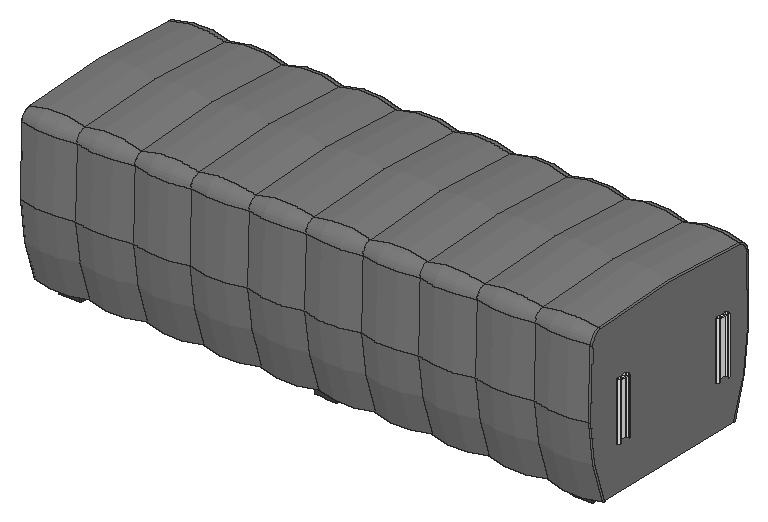
Revit family "Chair-Soft_Seating-Allermuir-Haven_Bench-HAB200E", category Furniture, Revit 2012
Parameters (values of type "HAB200E")
  ecoScorecard_data = "http://thesenatorgroup.ecoscorecard.com/product/HAB200E"
  ecoScorecard Product Page = "http://products.ecoscorecard.com/allermuir/HAB200E?action=html"
  Width = 0"
  Weight = 0.0 lbf
  Upholstered Seat = "No"
  Upholstered Back = "No"
  URL = "http://www.allermuir.net/Default.aspx"
  Subcategory = "Soft Seating"  # constant formula
  Stacks = no
  Specifications URL = ""
  Side Bracket = Metal - Allermuir - Chrome - Polished
  Seat or Top = Fabric - Allermuir - Silcoates
  Product Page URL = "http://www.allermuir.net/Products.aspx?RangeId=495"
  Product Line = "Haven Bench"  # constant formula
  Pricing URL = ""
  Plugin Data URL = "http://products.ecoscorecard.com/thesenatorgroup/HAB200E"
  Plastic Arms in Black = "No"
  Model = "HAB200E"  # constant formula
  Manufacturer Phone - Toll Free = "(888) 887 5806"  # constant formula
  Manufacturer Phone = "(419) 887 5806"  # constant formula
  Manufacturer Fax = "(419) 887 5805"  # constant formula
  Manufacturer Email = "mailto:contact@allermuir-na.com"
  Manufacturer Address = "1630 Holland Road, Maumee, Ohio 43537 "  # constant formula
  Manufacturer = "Allermuir"  # constant formula
  LEED Stats URL = ""
  Height = 0"
  Fabric Spec Sheets = "http://www.allermuir.net/Services/File.ashx?Type=B&Id=51"
  Description = ""
  Depth = 0"
  Color Availability = "See price list for material options"  # constant formula
  CAD Blocks URL = ""
  Brochure URL = ""
  Base = Plastic - Allermuir - Black
  Assembly Code = "E2020200"
  95 CSI = "12510"  # constant formula
  04 CSI = "12 51 00"  # constant formula
Reference planes
  plane 1 "Center Front/Back": y = 0
  plane 2: z = 0
  plane 3 "Center Left/Right": x = 0
  plane 4: z = 466.328
  plane 5: x = -760.699
  plane 6: x = 757.524
  plane 7: y = 278.492
  plane 8: y = -265.296
Dimensions and locks
  plane 4 to level = 18 23/64"  (x2)
  locked: plane 5 to plane 6 at 1518.222
  plane 7 to plane 8 = 21.40899"
  aligned and locked: plane 3 "Center Left/Right" to nested 1
  aligned and locked: plane 1 "Center Front/Back" to nested 1
  aligned and locked: plane 4 to nested 1
Nested families
  nested 1: "HAB200E" at (0, 0, 0), type "HAB200E"
Definition of nested family "HAB200E"
  Parameters (values of type "HAB200E")
    URL = "http://www.allermuir.net/Default.aspx"
    Stand = Plastic - Allermuir - Black
    Stacks = no
    Side Stand = Metal - Allermuir - Chrome - Polished
    Seat = Fabric - Allermuir - Silcoates
    Model = "HAB100"
    Manufacturer = "Allermuir"  # constant formula
    Description = ""
    Assembly Code = "E2020200"
  Reference planes
    plane 1 "Center Front/Back": y = 0
    plane 2: z = 0
    plane 3 "Center Left/Right": x = 0
    plane 4: y = 278.492
    plane 5: y = -265.296
    plane 6: z = 466.328
    plane 7: y = 174.511
    plane 8: y = -161.315
    plane 9: x = -747.478
    plane 10: x = -671.278
    plane 11: x = 747.478
    plane 12: x = 671.278
  Forms (mm)
    Sweep 1, solid, material "Fabric - Allermuir - Silcoates" <- "Seat"
      path origin (0, 0, -3.969) x (0, 1, 0) y (0, 0, 1)
        loop
          arc (230.619, 28.377) -> (262.694, 128.867) -> (276.965, 233.381) r 609.6
          arc (276.965, 233.381) -> (278.479, 325.472) -> (273.982, 417.465) r 1411.053
          arc (273.982, 417.465) -> (262.719, 442.368) -> (238.222, 454.489) r 40.603
          arc (238.222, 454.489) -> (7.264, 468.236) -> (-223.765, 455.728) r 2038.86
          arc (-223.765, 455.728) -> (-248.079, 443.981) -> (-259.64, 419.577) r 40.58
          arc (-259.64, 419.577) -> (-265.536, 328.435) -> (-264.387, 237.109) r 1183.48
          arc (-264.387, 237.109) -> (-249.725, 130.711) -> (-217.12, 28.377) r 627.008
      profile origin (0, 7.264, 464.267) x (0, -0.002682, -0.999996) y (1, 0, 0)
        loop
          arc (10.108, -745.462) -> (11.467, -747.415) -> (13.724, -748.165) r 3.77
          line (13.724, -748.165) -> (14.881, -748.165) -> (14.881, 751.457) -> (12.785, 751.457)
          arc (12.785, 751.457) -> (10.529, 750.699) -> (9.189, 748.733) r 3.735
          arc (9.189, 748.733) -> (-0.333, 674.997) -> (11.738, 601.636) r 255.942
          arc (11.738, 601.636) -> (-0.369, 525.083) -> (10.994, 448.417) r 255.942
          arc (10.994, 448.417) -> (-0.371, 373.433) -> (10.736, 298.411) r 255.942
          arc (10.736, 298.411) -> (-0.371, 223.387) -> (10.994, 148.403) r 255.942
          arc (10.994, 148.403) -> (-0.369, 74.256) -> (10.253, 0) r 255.942
          arc (10.253, 0) -> (-0.355, -75.93) -> (12.002, -151.596) r 255.942
          arc (12.002, -151.596) -> (-0.344, -226.43) -> (9.784, -301.596) r 255.942
          arc (9.784, -301.596) -> (-0.344, -376.765) -> (12.003, -451.601) r 255.942
          arc (12.003, -451.601) -> (-0.344, -526.433) -> (9.782, -601.598) r 255.942
          arc (9.782, -601.598) -> (-0.371, -673.554) -> (10.108, -745.462) r 255.942
    Extrusion 2, solid, material "Fabric - Allermuir - Silcoates" <- "Seat"
      sketch origin (0, 0, -3.969) x (0, 1, 0) y (0, 0, 1)
        loop
          line (-203.329, 33.969) -> (216.827, 33.969)
          arc (216.827, 33.969) -> (248.162, 132.073) -> (262.102, 234.112) r 594.719
          arc (262.102, 234.112) -> (263.6, 325.231) -> (259.15, 416.253) r 1396.171
          arc (259.15, 416.253) -> (252.015, 432.029) -> (236.497, 439.708) r 25.722
          arc (236.497, 439.708) -> (7.224, 453.355) -> (-222.118, 440.938) r 2023.978
          arc (-222.118, 440.938) -> (-237.517, 433.499) -> (-244.837, 418.044) r 25.699
          arc (-244.837, 418.044) -> (-250.66, 328.048) -> (-249.525, 237.871) r 1168.598
          arc (-249.525, 237.871) -> (-235.197, 133.933) -> (-203.329, 33.969) r 612.126
      from -748.165 to 751.457
    Extrusion 3, solid, material "Metal - Allermuir - Chrome - Polished" <- "Side Stand"
      sketch origin (6.152, 1.885, -3.969) x (1, 0, 0) y (0, 1, 0)
        loop
          arc (751.677, 189.731) -> (750.36, 189.981) -> (749.198, 189.313) r 1.93
          line (749.198, 189.313) -> (745.679, 185.09)
          arc (745.679, 185.09) -> (745.366, 184.543) -> (745.257, 183.923) r 1.823
          line (745.257, 183.923) -> (745.257, 157.23)
          arc (745.257, 157.23) -> (745.363, 156.622) -> (745.671, 156.086) r 1.786
          line (745.671, 156.086) -> (749.223, 151.823)
          arc (749.223, 151.823) -> (750.358, 151.171) -> (751.644, 151.415) r 1.885
          line (751.644, 151.415) -> (757.733, 155.082) -> (756.959, 156.367) -> (751.014, 152.787)
          arc (751.014, 152.787) -> (750.617, 152.712) -> (750.268, 152.913) r 0.581
          line (750.268, 152.913) -> (747.04, 156.786)
          arc (747.04, 156.786) -> (746.835, 157.143) -> (746.764, 157.548) r 1.191
          line (746.764, 157.548) -> (746.764, 183.605)
          arc (746.764, 183.605) -> (746.838, 184.023) -> (747.049, 184.391) r 1.228
          line (747.049, 184.391) -> (750.26, 188.244)
          arc (750.26, 188.244) -> (750.618, 188.45) -> (751.024, 188.373) r 0.595
          line (751.024, 188.373) -> (756.959, 184.799) -> (757.733, 186.084) -> (751.677, 189.731)
      from 156.239 to 306.239
    Extrusion 4, solid, material "Metal - Allermuir - Chrome - Polished" <- "Side Stand"
      sketch origin (6.152, 1.885, -3.969) x (1, 0, 0) y (0, 1, 0)
        loop
          line (746.764, 176.579) -> (746.764, 164.607) -> (755.757, 164.607) -> (755.757, 176.579) -> (746.764, 176.579)
      from 304.739 to 306.239
    Extrusion 5, solid, material "Metal - Allermuir - Chrome - Polished" <- "Side Stand"
      sketch origin (6.152, 16.867, -3.969) x (1, 0, 0) y (0, 1, 0)
        loop
          line (751.677, -189.731) -> (757.733, -186.084) -> (756.959, -184.799) -> (751.024, -188.373)
          arc (751.024, -188.373) -> (750.618, -188.45) -> (750.26, -188.244) r 0.595
          line (750.26, -188.244) -> (747.049, -184.391)
          arc (747.049, -184.391) -> (746.838, -184.023) -> (746.764, -183.605) r 1.228
          line (746.764, -183.605) -> (746.764, -157.548)
          arc (746.764, -157.548) -> (746.835, -157.143) -> (747.04, -156.786) r 1.191
          line (747.04, -156.786) -> (750.268, -152.913)
          arc (750.268, -152.913) -> (750.617, -152.712) -> (751.014, -152.787) r 0.581
          line (751.014, -152.787) -> (756.959, -156.367) -> (757.733, -155.082) -> (751.644, -151.415)
          arc (751.644, -151.415) -> (750.358, -151.171) -> (749.223, -151.823) r 1.885
          line (749.223, -151.823) -> (745.671, -156.086)
          arc (745.671, -156.086) -> (745.363, -156.622) -> (745.257, -157.23) r 1.786
          line (745.257, -157.23) -> (745.257, -183.923)
          arc (745.257, -183.923) -> (745.366, -184.543) -> (745.679, -185.09) r 1.823
          line (745.679, -185.09) -> (749.198, -189.313)
          arc (749.198, -189.313) -> (750.36, -189.981) -> (751.677, -189.731) r 1.93
      from 156.239 to 306.239
    Extrusion 6, solid, material "Metal - Allermuir - Chrome - Polished" <- "Side Stand"
      sketch origin (6.152, 16.867, -3.969) x (1, 0, 0) y (0, 1, 0)
        loop
          line (746.764, -176.579) -> (755.757, -176.579) -> (755.757, -164.607) -> (746.764, -164.607) -> (746.764, -176.579)
      from 304.739 to 306.239
  Cuts and joins
    joined: Sweep 1, Extrusion 2
    joined: Extrusion 3, Extrusion 4
    joined: Extrusion 5, Extrusion 6
  Lines and regions (mm)
    symbolic lines, style "Sofa"
      curve 1: line (-748.18, 264.876, 0) -> (-748.18, -252.176, 0)
      curve 2: line (-601.598, -256.155, 0) -> (-601.598, 268.855, 0)
      curve 3: line (-451.601, -253.933, 0) -> (-451.601, 266.633, 0)
      curve 4: line (-301.596, -256.153, 0) -> (-301.596, 268.853, 0)
      curve 5: line (-151.596, -253.935, 0) -> (-151.596, 266.635, 0)
      curve 6: line (0, -255.684, 0) -> (0, 268.384, 0)
      curve 7: line (148.402, -254.943, 0) -> (148.402, 267.643, 0)
      curve 8: line (298.411, -255.202, 0) -> (298.411, 267.902, 0)
      curve 9: line (448.419, -254.945, 0) -> (448.419, 267.644, 0)
      curve 10: line (601.654, -254.199, 0) -> (601.654, 266.898, 0)
      curve 11: line (751.458, 265.976, 0) -> (751.458, -256.022, 0)
      curve 12: arc (-745.508, -255.773, 0) -> (-673.581, -266.484, 0) -> (-601.598, -256.155, 0) r 251.338
      curve 13: arc (-748.18, -252.176, 0) -> (-747.439, -254.416, 0) -> (-745.508, -255.773, 0) r 3.757
      curve 14: arc (-451.601, -253.933, 0) -> (-526.442, -265.713, 0) -> (-601.598, -256.155, 0) r 268.97
      curve 15: arc (-301.596, -256.153, 0) -> (-376.767, -266.396, 0) -> (-451.601, -253.933, 0) r 253.451
      curve 16: arc (-301.596, -256.153, 0) -> (-226.428, -266.42, 0) -> (-151.596, -253.935, 0) r 252.941
      curve 17: arc (-151.596, -253.935, 0) -> (-75.93, -266.21, 0) -> (0, -255.684, 0) r 257.686
      curve 18: arc (148.402, -254.943, 0) -> (74.256, -266.263, 0) -> (0, -255.684, 0) r 256.899
      curve 19: arc (298.411, -255.202, 0) -> (223.386, -266.641, 0) -> (148.402, -254.943, 0) r 248.93
      curve 20: arc (298.411, -255.202, 0) -> (373.434, -266.453, 0) -> (448.419, -254.945, 0) r 252.877
      curve 21: arc (448.419, -254.945, 0) -> (525.094, -266.397, 0) -> (601.654, -254.199, 0) r 254.14
      curve 22: arc (601.654, -254.199, 0) -> (676.421, -266.243, 0) -> (751.458, -256.022, 0) r 257.572
      curve 23: arc (748.789, -256.782, 0) -> (750.715, -255.474, 0) -> (751.458, -253.267, 0) r 3.65
      curve 24: arc (-745.508, 268.473, 0) -> (-673.581, 279.184, 0) -> (-601.598, 268.855, 0) r 251.338
      curve 25: arc (-748.18, 264.876, 0) -> (-747.439, 267.116, 0) -> (-745.508, 268.473, 0) r 3.757
      curve 26: arc (-451.601, 266.633, 0) -> (-526.442, 278.413, 0) -> (-601.598, 268.855, 0) r 268.97
      curve 27: arc (-301.596, 268.853, 0) -> (-376.767, 279.096, 0) -> (-451.601, 266.633, 0) r 253.451
      curve 28: arc (-301.596, 268.853, 0) -> (-226.428, 279.12, 0) -> (-151.596, 266.635, 0) r 252.941
      curve 29: arc (-151.596, 266.635, 0) -> (-75.93, 278.91, 0) -> (0, 268.384, 0) r 257.686
      curve 30: arc (148.402, 267.643, 0) -> (74.256, 278.963, 0) -> (0, 268.384, 0) r 256.899
      curve 31: arc (298.411, 267.902, 0) -> (223.386, 279.341, 0) -> (148.402, 267.643, 0) r 248.93
      curve 32: arc (298.411, 267.902, 0) -> (373.434, 279.152, 0) -> (448.419, 267.644, 0) r 252.877
      curve 33: arc (448.419, 267.644, 0) -> (525.094, 279.096, 0) -> (601.654, 266.898, 0) r 254.14
      curve 34: arc (601.654, 266.898, 0) -> (675.035, 278.924, 0) -> (748.793, 269.486, 0) r 257.576
      curve 35: arc (748.793, 269.486, 0) -> (750.717, 268.18, 0) -> (751.458, 265.976, 0) r 3.644
    symbolic lines, style "Side Bracket"
      curve 36: line (763.11, 186.684, 0) -> (763.885, 187.969, 0)
      curve 37: line (763.885, 187.969, 0) -> (757.828, 191.616, 0)
      curve 38: line (757.176, 190.258, 0) -> (763.11, 186.684, 0)
      curve 39: arc (757.828, 191.616, 0) -> (756.512, 191.866, 0) -> (755.35, 191.198, 0) r 1.93
      curve 40: arc (756.412, 190.129, 0) -> (756.77, 190.335, 0) -> (757.176, 190.258, 0) r 0.595
      curve 41: line (755.35, 191.198, 0) -> (751.831, 186.975, 0)
      curve 42: line (753.2, 186.276, 0) -> (756.412, 190.129, 0)
      curve 43: arc (751.831, 186.975, 0) -> (751.602, 186.625, 0) -> (751.458, 186.232, 0) r 1.823
      curve 44: arc (752.916, 185.49, 0) -> (752.989, 185.908, 0) -> (753.2, 186.276, 0) r 1.228
      curve 45: line (752.916, 159.433, 0) -> (752.916, 185.49, 0)
      curve 46: line (752.916, 166.492, 0) -> (761.908, 166.492, 0)
      curve 47: line (761.908, 166.492, 0) -> (761.908, 178.464, 0)
      curve 48: line (761.908, 178.464, 0) -> (752.916, 178.464, 0)
      curve 49: arc (751.458, 158.695, 0) -> (751.599, 158.312, 0) -> (751.822, 157.972, 0) r 1.786
      curve 50: line (756.419, 154.798, 0) -> (753.192, 158.671, 0)
      curve 51: line (751.822, 157.972, 0) -> (755.375, 153.709, 0)
      curve 52: arc (753.192, 158.671, 0) -> (752.987, 159.028, 0) -> (752.916, 159.433, 0) r 1.191
      curve 53: arc (757.165, 154.673, 0) -> (756.769, 154.597, 0) -> (756.419, 154.798, 0) r 0.581
      curve 54: arc (755.375, 153.709, 0) -> (756.509, 153.056, 0) -> (757.795, 153.3, 0) r 1.885
      curve 55: line (757.795, 153.3, 0) -> (763.885, 156.968, 0)
      curve 56: line (763.11, 158.252, 0) -> (757.165, 154.673, 0)
      curve 57: line (763.885, 156.968, 0) -> (763.11, 158.252, 0)
      curve 58: line (756.412, -171.377, 0) -> (753.2, -167.524, 0)
      curve 59: line (752.916, -166.737, 0) -> (752.916, -140.681, 0)
      curve 60: line (761.908, -147.74, 0) -> (752.916, -147.74, 0)
      curve 61: line (761.908, -159.712, 0) -> (761.908, -147.74, 0)
      curve 62: line (752.916, -159.712, 0) -> (761.908, -159.712, 0)
      curve 63: line (751.831, -168.223, 0) -> (755.35, -172.446, 0)
      curve 64: arc (753.2, -167.524, 0) -> (752.989, -167.155, 0) -> (752.916, -166.737, 0) r 1.228
      curve 65: arc (751.458, -167.48, 0) -> (751.602, -167.873, 0) -> (751.831, -168.223, 0) r 1.823
      curve 66: line (757.828, -172.864, 0) -> (763.885, -169.217, 0)
      curve 67: line (763.11, -167.932, 0) -> (757.176, -171.506, 0)
      curve 68: arc (757.176, -171.506, 0) -> (756.77, -171.583, 0) -> (756.412, -171.377, 0) r 0.595
      curve 69: arc (755.35, -172.446, 0) -> (756.512, -173.114, 0) -> (757.828, -172.864, 0) r 1.93
      curve 70: line (763.885, -169.217, 0) -> (763.11, -167.932, 0)
      curve 71: line (753.192, -139.919, 0) -> (756.419, -136.046, 0)
      curve 72: arc (751.822, -139.219, 0) -> (751.599, -139.56, 0) -> (751.458, -139.943, 0) r 1.786
      curve 73: arc (752.916, -140.681, 0) -> (752.987, -140.276, 0) -> (753.192, -139.919, 0) r 1.191
      curve 74: line (755.375, -134.956, 0) -> (751.822, -139.219, 0)
      curve 75: arc (757.795, -134.548, 0) -> (756.509, -134.304, 0) -> (755.375, -134.956, 0) r 1.885
      curve 76: arc (756.419, -136.046, 0) -> (756.769, -135.845, 0) -> (757.165, -135.92, 0) r 0.581
      curve 77: line (757.165, -135.92, 0) -> (763.11, -139.5, 0)
      curve 78: line (763.885, -138.215, 0) -> (757.795, -134.548, 0)
      curve 79: line (763.11, -139.5, 0) -> (763.885, -138.215, 0)
  Dimensions and locks
    plane 4 to plane 5 = 21.40899"
    plane 6 to level = 18 23/64"
    locked: plane 4 to plane 7 at 103.981
    locked: plane 5 to plane 8 at 103.981
    locked: plane 9 to plane 10 at 76.2
    locked: plane 11 to plane 12 at 76.2
    locked: plane 10 to plane 12 at 1342.555
    equal spacing: plane 10, plane 3 "Center Left/Right", plane 12
    aligned and locked: Sweep 1 to Extrusion 2
  Automatic sketch dimensions
    Sweep 1 sketch curve to profile plane = 0"
    Sweep 1 sketch curve to profile plane = 0.36178"
    Sweep 1 sketch curve to Sweep 1 sketch curve = 0"  (x16)
    Sweep 1 sketch curve to profile plane = 0.38511"
    Sweep 1 sketch curve to profile plane = 0.3852"
    Sweep 1 sketch curve to profile plane = 0.39796"
    Sweep 1 sketch curve to profile plane = 0.40366"
    Sweep 1 sketch curve to profile plane = 0.42268"
    Sweep 1 sketch curve to profile plane = 0.43283"
    Sweep 1 sketch curve to profile plane = 0.43285"
    Sweep 1 sketch curve to profile plane = 0.46213"
    Sweep 1 sketch curve to profile plane = 0.47252"
    Sweep 1 sketch curve to profile plane = 0.47257"
    Sweep 1 sketch curve to Sweep 1 sketch curve = 0.14157"
    Sweep 1 sketch curve to Sweep 1 sketch curve = 0.14236"
    Sweep 1 sketch curve to Sweep 1 sketch curve = 0.08254"
    Sweep 1 sketch curve to profile plane = 10.06183"  (x2)
    profile plane to Sweep 1 sketch curve = 2.87313"
    Sweep 1 sketch curve to profile plane = 2.87313"
    Sweep 1 sketch curve to Sweep 1 sketch curve = 6.19041"
    Sweep 1 sketch curve to Sweep 1 sketch curve = 5.62067"
    Sweep 1 sketch curve to Sweep 1 sketch curve = 6.19073"
    Sweep 1 sketch curve to Sweep 1 sketch curve = 5.62008"
    Sweep 1 sketch curve to Sweep 1 sketch curve = 5.939"
    Sweep 1 sketch curve to Sweep 1 sketch curve = 5.87264"
    Sweep 1 sketch curve to Sweep 1 sketch curve = 5.93885"
    Sweep 1 sketch curve to Sweep 1 sketch curve = 6.12565"
    Extrusion 2 sketch curve to plane 6 = 6.60184"
    plane 5 to Extrusion 2 sketch curve = 34.13749"
    plane 5 to Extrusion 2 sketch curve = 2.62223"
    Extrusion 2 sketch curve to plane 5 = 0.62092"
    Extrusion 2 sketch curve to Extrusion 2 sketch curve = 0"  (x6)
    Extrusion 2 sketch curve to plane 5 = 0.80546"
    Extrusion 2 sketch curve to Extrusion 2 sketch curve = 0.89446"
    Extrusion 2 sketch curve to Extrusion 2 sketch curve = 1.00639"
    level to Extrusion 2 sketch curve = 1.1811"
    plane 1 "Center Front/Back" to Extrusion 2 sketch curve = 8.00508"
    Extrusion 2 sketch curve to plane 1 "Center Front/Back" = 0.07067"
    plane 7 to Extrusion 2 sketch curve = 1.66598"
    Extrusion 2 sketch curve to plane 4 = 1.7708"
    Extrusion 2 sketch curve to Extrusion 2 sketch curve = 0.11743"
    Extrusion 2 sketch curve to plane 4 = 0.7615"
    Extrusion 2 sketch curve to plane 4 = 0.6453"
    plane 4 to Extrusion 2 sketch curve = 3.27982"
    Extrusion 3 sketch curve to plane 11 = 0.15474"
    Extrusion 3 sketch curve to plane 11 = 0.17104"
    Extrusion 3 sketch curve to plane 11 = 0.17138"
    Extrusion 3 sketch curve to Extrusion 3 sketch curve = 0.05935"
    Extrusion 3 sketch curve to Extrusion 3 sketch curve = 0.01086"
    Extrusion 3 sketch curve to Extrusion 3 sketch curve = 0.01096"
    Extrusion 3 sketch curve to Extrusion 3 sketch curve = 0.01121"
    Extrusion 3 sketch curve to Extrusion 3 sketch curve = 0.01243"
    Extrusion 3 sketch curve to Extrusion 3 sketch curve = 0.03592"  (x2)
    Extrusion 3 sketch curve to plane 11 = 0.30993"
    Extrusion 3 sketch curve to plane 11 = 0.3109"
    Extrusion 3 sketch curve to Extrusion 3 sketch curve = 0.0418"
    Extrusion 3 sketch curve to Extrusion 3 sketch curve = 0.04113"
    Extrusion 3 sketch curve to Extrusion 3 sketch curve = 0.01589"
    Extrusion 3 sketch curve to Extrusion 3 sketch curve = 0.01658"
    Extrusion 3 sketch curve to Extrusion 3 sketch curve = 0.00168"
    Extrusion 3 sketch curve to Extrusion 3 sketch curve = 0.00142"
    Extrusion 3 sketch curve to Extrusion 3 sketch curve = 0.01349"
    Extrusion 3 sketch curve to Extrusion 3 sketch curve = 0.01352"
    Extrusion 3 sketch curve to Extrusion 3 sketch curve = 0.0248"
    Extrusion 3 sketch curve to Extrusion 3 sketch curve = 0.02569"
    Extrusion 3 sketch curve to Extrusion 3 sketch curve = 0.23405"
    Extrusion 3 sketch curve to Extrusion 3 sketch curve = 0.23364"
    Extrusion 3 sketch curve to Extrusion 3 sketch curve = 0.03048"  (x2)
    Extrusion 3 sketch curve to plane 7 = 0.83506"
    Extrusion 3 sketch curve to Extrusion 3 sketch curve = 0.01607"
    Extrusion 3 sketch curve to Extrusion 3 sketch curve = 0.00956"
    Extrusion 3 sketch curve to Extrusion 3 sketch curve = 0.00461"
    Extrusion 3 sketch curve to Extrusion 3 sketch curve = 0.09035"
    Extrusion 3 sketch curve to Extrusion 3 sketch curve = 0.16784"
    Extrusion 3 sketch curve to Extrusion 3 sketch curve = 0.05058"  (x2)
    Extrusion 3 sketch curve to Extrusion 3 sketch curve = 0.01747"
    plane 7 to Extrusion 3 sketch curve = 0.43223"
    Extrusion 3 sketch curve to Extrusion 3 sketch curve = 0.01252"
    Extrusion 3 sketch curve to Extrusion 3 sketch curve = 0.04703"
    Extrusion 3 sketch curve to Extrusion 3 sketch curve = 35/256"
    Extrusion 3 sketch curve to Extrusion 3 sketch curve = 0.00845"
    Extrusion 3 sketch curve to Extrusion 3 sketch curve = 0.00655"
    Extrusion 3 sketch curve to Extrusion 3 sketch curve = 0.04209"
    Extrusion 4 sketch curve to plane 11 = 0.2141"
    Extrusion 4 sketch curve to Extrusion 4 sketch curve = 0.35403"
    Extrusion 4 sketch curve to plane 7 = 0.31569"
    plane 7 to Extrusion 4 sketch curve = 0.15564"
    Extrusion 5 sketch curve to plane 11 = 0.15474"
    Extrusion 5 sketch curve to plane 11 = 0.17104"
    Extrusion 5 sketch curve to plane 11 = 0.17138"
    Extrusion 5 sketch curve to Extrusion 5 sketch curve = 0.05935"
    Extrusion 5 sketch curve to Extrusion 5 sketch curve = 0.01086"
    Extrusion 5 sketch curve to Extrusion 5 sketch curve = 0.01096"
    Extrusion 5 sketch curve to Extrusion 5 sketch curve = 0.01121"
    Extrusion 5 sketch curve to Extrusion 5 sketch curve = 0.01243"
    Extrusion 5 sketch curve to Extrusion 5 sketch curve = 0.03592"  (x2)
    Extrusion 5 sketch curve to plane 11 = 0.30993"
    Extrusion 5 sketch curve to plane 11 = 0.3109"
    Extrusion 5 sketch curve to Extrusion 5 sketch curve = 0.0418"
    Extrusion 5 sketch curve to Extrusion 5 sketch curve = 0.04113"
    Extrusion 5 sketch curve to Extrusion 5 sketch curve = 0.01589"
    Extrusion 5 sketch curve to Extrusion 5 sketch curve = 0.01658"
    Extrusion 5 sketch curve to Extrusion 5 sketch curve = 0.00168"
    Extrusion 5 sketch curve to Extrusion 5 sketch curve = 0.00142"
    Extrusion 5 sketch curve to Extrusion 5 sketch curve = 0.01349"
    Extrusion 5 sketch curve to Extrusion 5 sketch curve = 0.01352"
    Extrusion 5 sketch curve to Extrusion 5 sketch curve = 0.0248"
    Extrusion 5 sketch curve to Extrusion 5 sketch curve = 0.02569"
    Extrusion 5 sketch curve to Extrusion 5 sketch curve = 0.23405"
    Extrusion 5 sketch curve to Extrusion 5 sketch curve = 0.23364"
    Extrusion 5 sketch curve to Extrusion 5 sketch curve = 0.03048"  (x2)
    plane 8 to Extrusion 5 sketch curve = 0.45469"
    Extrusion 5 sketch curve to Extrusion 5 sketch curve = 0.01645"
    Extrusion 5 sketch curve to Extrusion 5 sketch curve = 0.01163"
    Extrusion 5 sketch curve to Extrusion 5 sketch curve = 0.00655"
    Extrusion 5 sketch curve to Extrusion 5 sketch curve = 0.14359"
    Extrusion 5 sketch curve to Extrusion 5 sketch curve = 0.16628"
    Extrusion 5 sketch curve to Extrusion 5 sketch curve = 0.05058"  (x2)
    Extrusion 5 sketch curve to Extrusion 5 sketch curve = 0.01843"
    Extrusion 5 sketch curve to plane 8 = 0.81236"
    Extrusion 5 sketch curve to Extrusion 5 sketch curve = 0.01254"
    Extrusion 5 sketch curve to Extrusion 5 sketch curve = 0.0465"
    Extrusion 5 sketch curve to Extrusion 5 sketch curve = 0.13783"
    Extrusion 5 sketch curve to Extrusion 5 sketch curve = 0.01004"
    Extrusion 5 sketch curve to Extrusion 5 sketch curve = 0.00461"
    Extrusion 5 sketch curve to Extrusion 5 sketch curve = 0.0429"
    Extrusion 6 sketch curve to plane 11 = 0.2141"
    Extrusion 6 sketch curve to Extrusion 6 sketch curve = 0.35403"
    Extrusion 6 sketch curve to plane 8 = 0.06311"
    Extrusion 6 sketch curve to Extrusion 6 sketch curve = 0.47133"
    Sweep 1 sketch curve to plane 6 = 6.60184"
    plane 5 to Sweep 1 sketch curve = 34.13749"
    plane 5 to Sweep 1 sketch curve = 2.62223"
    Sweep 1 sketch curve to plane 5 = 0.03581"
    Sweep 1 sketch curve to plane 5 = 0.2227"
    Sweep 1 sketch curve to plane 6 = 0.57357"
    Sweep 1 sketch curve to plane 5 = 1.6351"
    Sweep 1 sketch curve to Sweep 1 sketch curve = 1.58916"
    Sweep 1 sketch curve to plane 1 "Center Front/Back" = 0.07067"
    Sweep 1 sketch curve to plane 4 = 1.88479"
    Sweep 1 sketch curve to plane 4 = 1.7708"
    Sweep 1 sketch curve to Sweep 1 sketch curve = 0.18537"
    Sweep 1 sketch curve to plane 4 = 0.17756"
    Sweep 1 sketch curve to plane 4 = 0.06013"
    plane 4 to Sweep 1 sketch curve = 3.27982"
    level to Sweep 1 sketch curve = 123/128"
    Sweep 1 sketch curve to Sweep 1 sketch curve = 1.86088"
    curve 1 to plane 9 = 0.02763"
    plane 9 to curve 24 = 0.07756"
    curve 25 to curve 24 = 0"
    plane 9 to curve 12 = 0.07756"
    curve 13 to curve 12 = 0"
    plane 9 to curve 25 = 0.12028"
    plane 9 to curve 13 = 0.12028"
    curve 24 to plane 10 = 0.06442"
    curve 12 to plane 10 = 0.06442"
    curve 2 to plane 4 = 0.37943"
    plane 10 to curve 2 = 2.74329"
    curve 26 to plane 1 "Center Front/Back" = 0.37294"
    plane 10 to curve 26 = 5.5454"
    curve 14 to plane 1 "Center Front/Back" = 0.12705"
    curve 26 to curve 14 = 0"
    curve 14 to plane 5 = 0.44735"
    curve 2 to curve 14 = 5.9054"
    curve 27 to plane 1 "Center Front/Back" = 1.01074"
    curve 26 to curve 27 = 6.19713"
    plane 1 "Center Front/Back" to curve 15 = 0.51074"
    curve 27 to curve 15 = 0"
    curve 28 to plane 4 = 0.37951"
    curve 28 to plane 1 "Center Front/Back" = 1.03177"
    curve 27 to curve 28 = 5.62401"
    plane 1 "Center Front/Back" to curve 16 = 0.53177"
    curve 28 to curve 16 = 0"
    curve 16 to plane 5 = 0.44729"
    curve 29 to plane 1 "Center Front/Back" = 0.8363"
    curve 29 to plane 3 "Center Left/Right" = 2.8723"
    plane 1 "Center Front/Back" to curve 17 = 0.3363"
    curve 29 to curve 17 = 0"
    curve 17 to plane 3 "Center Left/Right" = 0"
    curve 30 to plane 1 "Center Front/Back" = 0.8688"
    plane 3 "Center Left/Right" to curve 30 = 2.87294"
    plane 1 "Center Front/Back" to curve 18 = 0.36881"
    curve 30 to curve 18 = 0"
    curve 30 to plane 4 = 0.42714"
    curve 31 to plane 1 "Center Front/Back" = 1.19728"
    curve 30 to curve 31 = 5.93871"
    plane 1 "Center Front/Back" to curve 19 = 0.69729"
    curve 31 to curve 19 = 0"
    curve 32 to plane 4 = 0.41696"
    curve 32 to plane 1 "Center Front/Back" = 1.03447"
    curve 31 to curve 32 = 5.87341"
    plane 1 "Center Front/Back" to curve 20 = 0.53448"
    curve 32 to curve 20 = 0"
    curve 33 to plane 4 = 0.42709"
    curve 33 to plane 1 "Center Front/Back" = 0.98264"
    plane 12 to curve 33 = 5.80394"
    plane 1 "Center Front/Back" to curve 21 = 0.48266"
    curve 33 to curve 21 = 0"
    curve 21 to plane 5 = 0.43688"
    curve 22 to plane 12 = 0.32585"
    curve 34 to plane 12 = 0.32626"
    curve 23 to plane 11 = 0.01301"
    curve 35 to plane 11 = 0.01324"
    curve 23 to plane 11 = 0.05164"
    curve 35 to plane 11 = 0.0518"
    curve 34 to curve 35 = 0"
    curve 23 to curve 22 = 0.10508"
    curve 49 to curve 51 = 0.01432"
    curve 72 to curve 72 = 0.01432"
    curve 65 to curve 63 = 0.01466"
    curve 43 to curve 41 = 0.01466"
    curve 46 to plane 11 = 0.2141"
    curve 62 to plane 8 = 0.06311"
    curve 62 to plane 11 = 0.2141"
    curve 45 to curve 50 = 0.01086"
    curve 59 to curve 73 = 0.01086"
    curve 59 to curve 72 = 0.01096"
    curve 45 to curve 49 = 0.01096"
    curve 59 to curve 58 = 0.01121"
    curve 44 to curve 44 = 0.01121"
    curve 59 to curve 65 = 0.01243"
    curve 44 to curve 43 = 0.01243"
    curve 49 to curve 52 = 0.03592"
    curve 72 to curve 73 = 0.03592"
    curve 65 to curve 64 = 0.03592"
    curve 43 to curve 44 = 0.03592"
    curve 44 to curve 39 = 0.08463"
    curve 58 to curve 63 = 0.08463"
    curve 52 to curve 54 = 11/128"
    curve 73 to curve 74 = 11/128"
    curve 69 to curve 68 = 0.0418"
    curve 39 to curve 40 = 0.0418"
    curve 54 to curve 53 = 0.04113"
    curve 75 to curve 71 = 0.04113"
    curve 50 to curve 54 = 0.01589"
    curve 76 to curve 75 = 0.01589"
    curve 68 to curve 69 = 0.01658"
    curve 40 to curve 39 = 0.01658"
    curve 75 to curve 76 = 0.00168"
    curve 54 to curve 53 = 0.00168"
    curve 69 to curve 68 = 0.00142"
    curve 39 to curve 40 = 0.00142"
    curve 54 to curve 53 = 0.01349"
    curve 75 to curve 77 = 0.01349"
    curve 39 to curve 40 = 0.01352"
    curve 69 to curve 67 = 0.01352"
    curve 53 to curve 55 = 0.0248"
    curve 76 to curve 78 = 0.0248"
    curve 40 to curve 39 = 0.02569"
    curve 68 to curve 66 = 0.02569"
    curve 60 to curve 60 = 0.35403"
    plane 7 to curve 48 = 0.15564"
    curve 48 to curve 48 = 0.35403"
    curve 40 to curve 38 = 0.23364"
    curve 76 to curve 77 = 0.23405"
    plane 8 to curve 67 = 0.26052"
    curve 68 to curve 67 = 0.23364"
    curve 56 to curve 56 = 0.23405"
    plane 8 to curve 66 = 0.3111"
    curve 67 to curve 66 = 0.03048"
    curve 56 to curve 57 = 0.03048"
    curve 77 to curve 78 = 0.03048"
    curve 36 to curve 37 = 0.03048"
    curve 23 to curve 66 = 3.44746"
    curve 66 to curve 66 = 0.14359"
    curve 69 to curve 69 = 0.01645"
    curve 67 to curve 69 = 0.01163"
    curve 58 to curve 69 = 0.00655"
    curve 63 to curve 65 = 0.16628"
    curve 63 to curve 64 = 0.02752"
    curve 65 to curve 65 = 0.02924"
    curve 62 to curve 60 = 0.47133"
    curve 60 to curve 73 = 0.27792"
    curve 59 to curve 72 = 0.01254"
    curve 59 to curve 72 = 0.02907"
    curve 60 to curve 79 = 0.32442"
    curve 77 to curve 78 = 0.05058"
    curve 73 to curve 76 = 0.13783"
    curve 76 to curve 75 = 0.01004"
    curve 75 to curve 76 = 0.00461"
    curve 71 to curve 74 = 0.0429"
    curve 54 to plane 7 = 0.83506"
    curve 54 to curve 51 = 0.01607"
    curve 53 to curve 54 = 0.00956"
    curve 53 to curve 54 = 0.00461"
    curve 56 to curve 57 = 0.09035"
    curve 54 to curve 51 = 0.16784"
    curve 55 to curve 57 = 0.05058"
    curve 49 to curve 50 = 0.02754"
    curve 49 to curve 49 = 0.02848"
    curve 45 to curve 46 = 0.27792"
    curve 48 to curve 44 = 0.2766"
    curve 44 to curve 43 = 0.01252"
    curve 44 to curve 43 = 0.02923"
    curve 47 to curve 38 = 0.32363"
    curve 36 to curve 37 = 0.05058"
    curve 44 to curve 40 = 35/256"
    curve 40 to curve 39 = 0.00845"
    curve 39 to curve 42 = 0.00655"
    curve 40 to curve 41 = 0.04209"
  Nested families
    nested 1: "Leg" at (-671.389, 176.892, 0), type "PSM102"
    nested 2: "Leg" at (1.587, 176.099, 0), type "PSM102"
    nested 3: "Leg" at (-670.924, -157.346, 0), type "PSM102"
    nested 4: "Leg" at (674.744, 176.099, 0), type "PSM102"
    nested 5: "Leg" at (2.381, -157.346, 0), type "PSM102"
    nested 6: "Leg" at (674.303, -156.552, 0), type "PSM102"
  Definition of nested family "Leg"
    Parameters (values of type "PSM102")
      URL = ""
      Stand = Plastic - Allermuir - Black
      Stacks = no
      Model = ""
      Manufacturer = ""
      Description = ""
      Assembly Code = "E2020200"
    Reference planes
      plane 1 "Center Front/Back": y = 0
      plane 2: z = 0
      plane 3 "Center Left/Right": x = 0
      plane 4: z = 30
      plane 5: through (42.717, 1524.892, 1219.2) normal (1, -0.0075, 0)
      plane 6: through (-1525.181, 42.166, 1219.2) normal (0.0075, 1, 0)
      plane 7: through (-19.17, 1524.892, 1219.2) normal (1, -0.0075, 0)
      plane 8: through (-1525.181, -19.721, 1219.2) normal (0.0075, 1, 0)
    Forms (mm)
      Blend 1, solid, material "Plastic - Allermuir - Black" <- "Stand"
        base sketch origin (0, 0, 0) x (1, 0, 0) y (0, 1, 0)
          loop
            arc (-26.682, 29.891) -> (-28.652, 29.092) -> (-29.481, 27.133) r 2.778
            line (-29.481, 27.133) -> (-29.891, -27.235)
            arc (-29.891, -27.235) -> (-29.092, -29.205) -> (-27.133, -30.034) r 2.778
            line (-27.133, -30.034) -> (27.235, -30.444)
            arc (27.235, -30.444) -> (29.205, -29.645) -> (30.034, -27.687) r 2.778
            line (30.034, -27.687) -> (30.444, 26.682)
            arc (30.444, 26.682) -> (29.645, 28.652) -> (27.687, 29.481) r 2.778
            line (27.687, 29.481) -> (-26.682, 29.891)
        top sketch origin (0, 0, 0) x (1, 0, 0) y (0, 1, 0)
          loop
            arc (31.431, 27.654) -> (30.632, 29.625) -> (28.674, 30.453) r 2.778
            line (28.674, 30.453) -> (-27.654, 30.878)
            arc (-27.654, 30.878) -> (-29.625, 30.079) -> (-30.453, 28.121) r 2.778
            line (-30.453, 28.121) -> (-30.878, -28.207)
            arc (-30.878, -28.207) -> (-30.079, -30.178) -> (-28.121, -31.006) r 2.778
            line (-28.121, -31.006) -> (28.207, -31.431)
            arc (28.207, -31.431) -> (30.178, -30.632) -> (31.006, -28.674) r 2.778
            line (31.006, -28.674) -> (31.431, 27.654)
        from 0 to 30
    Dimensions and locks
      locked: plane 7 to plane 5 at 61.886
      locked: plane 6 to plane 8 at 61.886
      locked: plane 4 to level at 30
